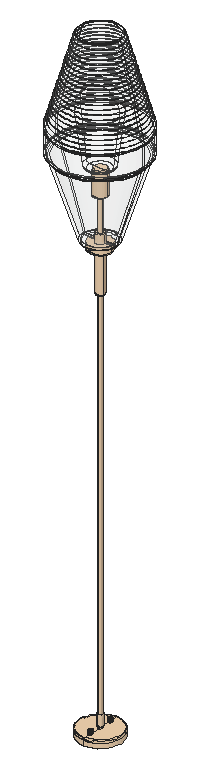
Revit family "Light_Fixture-Pendant-KOHLER-Simplice-K-42195_1", category Lighting Fixtures, host Face, Revit 2021 (continued)
Definition of nested family "K-42195"
  Lines and regions (in)
    Masking region 3
      outline origin (0, 0, 0) x (0, 1, 0) y (0, 0, 1)
        loop
          arc (-11.22958, 24.90565) -> (-11.22644, 24.87599) -> (-11.24499, 24.85264) r 0.03937
          arc (-11.24499, 24.85264) -> (-11.37914, 24.68565) -> (-11.36, 24.47232) r 0.28649
          arc (-11.36, 24.47232) -> (-11.35728, 24.4433) -> (-11.37525, 24.42037) r 0.03937
          arc (-11.37525, 24.42037) -> (-11.50567, 24.25316) -> (-11.48444, 24.04217) r 0.28489
          arc (-11.48444, 24.04217) -> (-11.48155, 24.01285) -> (-11.49982, 23.98973) r 0.03937
          arc (-11.49982, 23.98973) -> (-11.62442, 23.83227) -> (-11.60509, 23.63241) r 0.26872
          arc (-11.60509, 23.63241) -> (-11.60272, 23.60166) -> (-11.62324, 23.57864) r 0.03937
          arc (-11.62324, 23.57864) -> (-11.77292, 23.40705) -> (-11.74819, 23.18069) r 0.28363
          arc (-11.74819, 23.18069) -> (-11.744, 23.15207) -> (-11.7605, 23.1283) r 0.03937
          arc (-11.7605, 23.1283) -> (-11.88656, 22.95175) -> (-11.8636, 22.73603) r 0.30542
          arc (-11.8636, 22.73603) -> (-11.8606, 22.70838) -> (-11.87661, 22.68565) r 0.03937
          arc (-11.87661, 22.68565) -> (-12.00047, 22.51953) -> (-11.99478, 22.31239) r 0.31597
          arc (-11.99478, 22.31239) -> (-11.99399, 22.28686) -> (-12.00903, 22.26621) r 0.03937
          arc (-12.00903, 22.26621) -> (-12.13323, 22.0902) -> (-12.11666, 21.87541) r 0.31782
          arc (-12.11666, 21.87541) -> (-12.11488, 21.84787) -> (-12.13162, 21.82593) r 0.03937
          arc (-12.13162, 21.82593) -> (-12.25569, 21.66116) -> (-12.23856, 21.45562) r 0.28945
          arc (-12.23856, 21.45562) -> (-12.23623, 21.42765) -> (-12.25313, 21.40524) r 0.03937
          arc (-12.25313, 21.40524) -> (-12.38582, 21.23171) -> (-12.37222, 21.01369) r 0.31206
          arc (-12.37222, 21.01369) -> (-12.37054, 20.98607) -> (-12.38744, 20.96417) r 0.03937
          arc (-12.38744, 20.96417) -> (-12.51388, 20.79519) -> (-12.49166, 20.58531) r 0.28888
          arc (-12.49166, 20.58531) -> (-12.48875, 20.55626) -> (-12.50666, 20.5332) r 0.03937
          arc (-12.50666, 20.5332) -> (-12.63568, 20.37166) -> (-12.62365, 20.16526) r 0.28881
          arc (-12.62365, 20.16526) -> (-12.62187, 20.13759) -> (-12.63877, 20.11561) r 0.03937
          arc (-12.63877, 20.11561) -> (-12.77127, 19.93761) -> (-12.74668, 19.71709) r 0.30256
          arc (-12.74668, 19.71709) -> (-12.74338, 19.6888) -> (-12.76001, 19.66568) r 0.03937
          arc (-12.76001, 19.66568) -> (-12.88658, 19.49705) -> (-12.87469, 19.28655) r 0.30735
          arc (-12.87469, 19.28655) -> (-12.87337, 19.25895) -> (-12.89049, 19.23728) r 0.03937
          arc (-12.89049, 19.23728) -> (-13.01652, 19.07257) -> (-12.99684, 18.86611) r 0.28377
          arc (-12.99684, 18.86611) -> (-12.99378, 18.83866) -> (-13.00951, 18.81596) r 0.03937
          arc (-13.00951, 18.81596) -> (-13.13585, 18.63982) -> (-13.12249, 18.42345) r 0.32323
          arc (-13.12249, 18.42345) -> (-13.12134, 18.39557) -> (-13.13895, 18.37393) r 0.03937
          arc (-13.13895, 18.37393) -> (-13.26978, 18.20463) -> (-13.24481, 17.99213) r 0.28317
          arc (-13.24481, 17.99213) -> (-13.24136, 17.96251) -> (-13.25966, 17.93897) r 0.03937
          arc (-13.25966, 17.93897) -> (-13.39723, 17.7663) -> (-13.37953, 17.54625) r 0.30022
          arc (-13.37953, 17.54625) -> (-13.37743, 17.51668) -> (-13.39655, 17.49403) r 0.03937
          arc (-13.39655, 17.49403) -> (-13.53063, 17.32578) -> (-13.49723, 17.11325) r 0.26719
          arc (-13.49723, 17.11325) -> (-13.49162, 17.08504) -> (-13.50669, 17.06054) r 0.03937
          arc (-13.50669, 17.06054) -> (-13.60123, 16.91595) -> (-13.58156, 16.74432) r 0.25429
          arc (-13.58156, 16.74432) -> (-13.575, 16.71578) -> (-13.58205, 16.68735) r 0.06299
          arc (-13.58205, 16.68735) -> (-13.60143, 16.6356) -> (-13.60801, 16.58073) r 0.23192
          line (-13.60801, 16.58073) -> (-13.60801, 14.26232)
          arc (-13.60801, 14.26232) -> (-13.58957, 14.17913) -> (-13.5377, 14.11153) r 0.19685
          line (-13.5377, 14.11153) -> (-13.33595, 13.94224)
          arc (-13.33595, 13.94224) -> (-13.28515, 13.88586) -> (-13.25181, 13.81769) r 0.27329
          line (-13.25181, 13.81769) -> (-10.48075, 5.32809)
          arc (-10.48075, 5.32809) -> (-10.44479, 5.2787) -> (-10.38669, 5.25984) r 0.09895
          line (-10.38669, 5.25984) -> (-9.86792, 5.25984) -> (-9.86792, 4.57087)
          arc (-9.86792, 4.57087) -> (-9.85062, 4.52911) -> (-9.80887, 4.51181) r 0.05906
          line (-9.80887, 4.51181) -> (-9.04625, 4.51181) -> (-9.04625, 0) -> (-8.60801, 0)
    symbolic lines, detail levels medium+fine
      curve 1: circle (0, -8.60801, 17.80159) r 4.72441 normal (0, 0, -1)
      curve 2: circle (0, -8.60801, 17.80159) r 1.2185 normal (0, 0, -1)
      curve 3: circle (0, -8.60801, 17.80159) r 1.97043 normal (0, 0, -1)
      curve 4: circle (0, -8.60801, 17.80159) r 0.98425 normal (0, 0, -1)
      curve 5: circle (0, -8.60801, 17.80159) r 2.16535 normal (0, 0, -1)
      curve 6: circle (0, -8.60801, 17.80159) r 2.3622 normal (0, 0, -1)
      curve 7: circle (0, -8.60801, 17.80159) r 1.25024 normal (0, 0, -1)
      curve 8: circle (0, -8.60801, 17.80159) r 0.7874 normal (0, 0, -1)
      curve 9: circle (0, -8.60801, 17.80159) r 1.02188 normal (0, 0, -1)
      curve 10: circle (0, -8.60801, 17.80159) r 2.55906 normal (0, 0, -1)
      curve 11: circle (0, -8.60801, 17.80159) r 2.75591 normal (0, 0, -1)
      curve 12: circle (0, -8.60801, 17.80159) r 2.95276 normal (0, 0, -1)
      curve 13: circle (0, -8.60801, 17.80159) r 3.14961 normal (0, 0, -1)
      curve 14: circle (0, -8.60801, 17.80159) r 3.34646 normal (0, 0, -1)
      curve 15: circle (0, -8.60801, 17.80159) r 3.54331 normal (0, 0, -1)
      curve 16: circle (0, -8.60801, 17.80159) r 3.74016 normal (0, 0, -1)
      curve 17: circle (0, -8.60801, 17.80159) r 3.93701 normal (0, 0, -1)
      curve 18: circle (0, -8.60801, 17.80159) r 4.13386 normal (0, 0, -1)
      curve 19: circle (0, -8.60801, 17.80159) r 4.33071 normal (0, 0, -1)
      curve 20: circle (0, -8.60801, 17.80159) r 4.52756 normal (0, 0, -1)
      curve 21: circle (0, -8.60801, 17.80159) r 1.5748 normal (0, 0, -1)
      curve 22: line (-0.44264, -8.60801, 4.51181) -> (0.44071, -8.60801, 4.51181)
      curve 23: line (-1.25465, -8.60801, 5.25984) -> (1.25465, -8.60801, 5.25984)
      curve 24: line (-5, -8.60801, 14.30165) -> (5, -8.60801, 14.30165)
      curve 25: line (-4.96559, -8.60801, 14.21858) -> (4.96559, -8.60801, 14.21858)
      curve 26: line (-4.5884, -8.60801, 13.77825) -> (4.5884, -8.60801, 13.77825)
      curve 27: line (-4.68831, -8.60801, 13.9413) -> (4.68831, -8.60801, 13.9413)
      curve 28: line (-5, -8.60801, 16.57121) -> (5, -8.60801, 16.57121)
      curve 29: line (-4.97168, -8.60801, 16.71378) -> (4.97168, -8.60801, 16.71378)
      curve 30: line (4.87608, -8.60801, 17.07566) -> (-4.87608, -8.60801, 17.07566)
      curve 31: line (-4.75995, -8.60801, 17.51603) -> (4.75995, -8.60801, 17.51603)
      curve 32: line (4.63368, -8.60801, 17.95007) -> (-4.63368, -8.60801, 17.95007)
      curve 33: line (-4.51069, -8.60801, 18.37014) -> (4.51069, -8.60801, 18.37014)
      curve 34: line (4.38309, -8.60801, 18.81777) -> (-4.38309, -8.60801, 18.81777)
      curve 35: line (-4.25417, -8.60801, 19.2462) -> (4.25417, -8.60801, 19.2462)
      curve 36: line (4.13562, -8.60801, 19.68046) -> (-4.13562, -8.60801, 19.68046)
      curve 37: line (-4.00393, -8.60801, 20.12208) -> (4.00393, -8.60801, 20.12208)
      curve 38: line (-3.8753, -8.60801, 20.54543) -> (3.8753, -8.60801, 20.54543)
      curve 39: line (3.75099, -8.60801, 20.9761) -> (-3.75099, -8.60801, 20.9761)
      curve 40: line (-3.62528, -8.60801, 21.41186) -> (3.62528, -8.60801, 21.41186)
      curve 41: line (3.50237, -8.60801, 21.84481) -> (-3.50237, -8.60801, 21.84481)
      curve 42: line (-3.37298, -8.60801, 22.27732) -> (3.37298, -8.60801, 22.27732)
      curve 43: line (3.25305, -8.60801, 22.70265) -> (-3.25305, -8.60801, 22.70265)
      curve 44: line (-3.12219, -8.60801, 23.14744) -> (3.12219, -8.60801, 23.14744)
      curve 45: line (3.0072, -8.60801, 23.57951) -> (-3.0072, -8.60801, 23.57951)
      curve 46: line (-2.88297, -8.60801, 24.01424) -> (2.88297, -8.60801, 24.01424)
      curve 47: line (2.74926, -8.60801, 24.44994) -> (-2.74926, -8.60801, 24.44994)
      curve 48: line (-2.62055, -8.60801, 24.87826) -> (2.62055, -8.60801, 24.87826)
      curve 49: line (2.49361, -8.60801, 25.32159) -> (-2.49361, -8.60801, 25.32159)
      curve 50: line (-2.37521, -8.60801, 25.75022) -> (2.37521, -8.60801, 25.75022)
      curve 51: line (2.21228, -8.60801, 26.18776) -> (-2.21228, -8.60801, 26.18776)
      curve 52: line (0, -8.16978, 4.51181) -> (0, -9.04625, 4.51181)
      curve 53: line (0, -7.34811, 5.25984) -> (0, -9.86792, 5.25984)
      curve 54: line (0, -3.60801, 14.26232) -> (0, -13.60801, 14.26232)
      curve 55: line (0, -3.67833, 14.11153) -> (0, -13.5377, 14.11153)
      curve 56: line (0, -3.88008, 13.94224) -> (0, -13.33595, 13.94224)
      curve 57: line (0, -3.96422, 13.81769) -> (0, -13.25181, 13.81769)
      curve 58: line (0, -3.60801, 16.58073) -> (0, -13.60801, 16.58073)
      curve 59: line (0, -13.575, 16.71578) -> (0, -3.64103, 16.71578)
      curve 60: line (0, -3.72441, 17.08504) -> (0, -13.49162, 17.08504)
      curve 61: line (0, -13.37743, 17.51668) -> (0, -3.8386, 17.51668)
      curve 62: line (0, -3.97467, 17.96251) -> (0, -13.24136, 17.96251)
      curve 63: line (0, -13.12134, 18.39557) -> (0, -4.09469, 18.39557)
      curve 64: line (0, -4.22225, 18.83866) -> (0, -12.99378, 18.83866)
      curve 65: line (0, -12.87337, 19.25895) -> (0, -4.34266, 19.25895)
      curve 66: line (0, -4.47265, 19.6888) -> (0, -12.74338, 19.6888)
      curve 67: line (0, -12.62187, 20.13759) -> (0, -4.59416, 20.13759)
      curve 68: line (0, -4.72728, 20.55626) -> (0, -12.48875, 20.55626)
      curve 69: line (0, -12.37054, 20.98607) -> (0, -4.84549, 20.98607)
      curve 70: line (0, -4.9798, 21.42765) -> (0, -12.23623, 21.42765)
      curve 71: line (0, -12.11488, 21.84787) -> (0, -5.10115, 21.84787)
      curve 72: line (0, -5.22204, 22.28686) -> (0, -11.99399, 22.28686)
      curve 73: line (0, -11.8606, 22.70838) -> (0, -5.35543, 22.70838)
      curve 74: line (0, -5.47203, 23.15207) -> (0, -11.744, 23.15207)
      curve 75: line (0, -11.60272, 23.60166) -> (0, -5.61331, 23.60166)
      curve 76: line (0, -5.73448, 24.01285) -> (0, -11.48155, 24.01285)
      curve 77: line (0, -11.35728, 24.4433) -> (0, -5.85875, 24.4433)
      curve 78: line (0, -5.98959, 24.87599) -> (0, -11.22644, 24.87599)
      curve 79: line (0, -11.09994, 25.31914) -> (0, -6.11609, 25.31914)
      curve 80: line (0, -6.23951, 25.74041) -> (0, -10.97652, 25.74041)
      curve 81: line (0, -10.83445, 26.1643) -> (0, -6.38158, 26.1643)
  Dimensions and locks (in)
    plane 10 to plane 5 = 26.25984"
    plane 10 to plane 11 = 21.74803"
    plane 10 to plane 12 = 21"
    level to plane 4 "Light Source Elevation" = 17.80159"
    aligned and locked: level to plane 5
Types (5): name | Type | Model | Finish
  (no name) | 1 | "K-42195-PE01-2GL" | KOHLER-Metal-2GL-Brushed_Modern_Brass
  2GL-Brushed Modern Brass | 1 | "K-42195-PE01-2GL" | KOHLER-Metal-2GL-Brushed_Modern_Brass
  BLL-Matte Black | 2 | "K-42195-PE01-BLL" | KOHLER-Metal-BLL-Matte_Black
  BNL-Brushed Nickel | 3 | "K-42195-PE01-BNL" | KOHLER-Metal-BNL-Brushed_Nickel
  CPL-Polished Chrome | 4 | "K-42195-PE01-CPL" | KOHLER-Metal-CPL-Polished_Chrome
